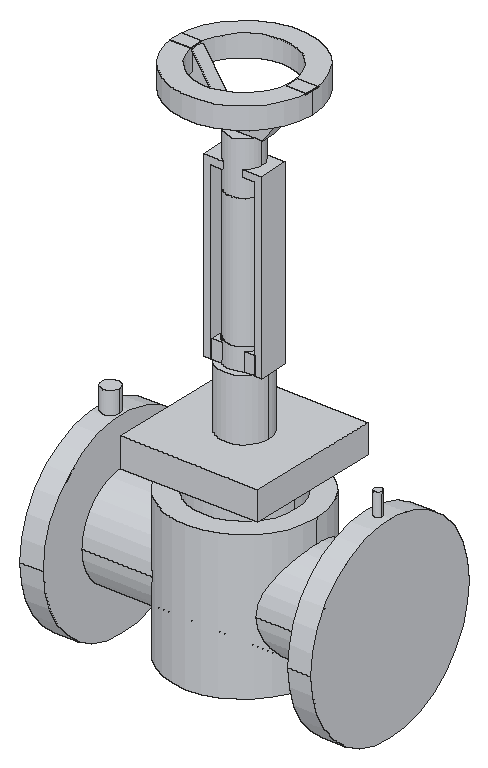
Revit family "Sigma_Compact_DN125-LF_PN16_RFA_2019", category Pipe Accessories, Revit 2019
Family settings
  Round Connector Dimension = Use Diameter
  Part Type = Valve - Breaks Into
  Work Plane-Based = No
  Always vertical = Yes
  Cut with Voids When Loaded = No
  Shared = No
Parameters (values of type "Sigma Compact DN 125 LF PN16")
  magiProductId = "72414964175c4f3999d5daaa67221e"
  magiProductFamilyId = "111bdfd32e424cd9a1e5f1ca7ea2b6"
  magiPartTypeId = 304
  isMeasuringValve [instance] = no
  ang2D [instance] = 0.00°
  W2D = 50 mm
  VersionID = "2.0/2018.12.13.2/FRESE_SIGMA_C_BIG_Q13_001"
  Use Minimum Symbol Size [instance] = no
  URL = "www.hydronix.cz"
  Type Comments = "přírubový; PN16; max dp=800kPa; 0~+120°C; max uzavírací tlak 1MPa"
  R4 = 70 mm
  R3 = 70.2 mm
  R1 = 100 mm
  QmdConnectorList = "301;D;302;D"
  Productdata [instance] = ""
  Manufacturer = "Hydronix"
  Maintenance Zone Under Depth [instance] = 100 mm
  Maintenance Zone Right Depth [instance] = 100 mm
  Maintenance Zone Over Depth [instance] = 100 mm
  Maintenance Zone Left Depth [instance] = 100 mm
  Maintenance Zone Front Depth [instance] = 100 mm
  Maintenance Zone Back Depth [instance] = 100 mm
  Maintenance Zone Front Visibility [instance] = no
  MC Use Limits From Balancing Method = no
  MC Throttling Minimum Value = 0
  MC Throttling Maximum Value = 0
  MC Product Code = "53-2404 DN125; PN16; (18500-110000 l/h); kvs=186"
  MC Pressure Drop Minimum Value = 0.0 Pa
  MC Pressure Drop Maximum Value = 0.0 Pa
  MC Piping Given Pressure Drop [instance] = 0.0 Pa
  LF__ve = -LF  # -32 mm
  LF2 = 16 mm
  LF = 32 mm
  L432 = 32.9 mm
  L43 = 65.8 mm
  L42 = 94 mm
  L4 = 188 mm
  L3 = 336 mm
  L2D_Min = 30.48 mm
  L2D = 230 mm
  L2 = 200 mm
  HH12 = 36.5 mm
  HH1 = 73 mm
  HDF__ve = -HDF  # -338 mm
  HDF = 338 mm
  H6 = 85 mm
  H4 = 40.5 mm
  H3 = 33.75 mm
  H2 = 101.25 mm
  H11 = 202.5 mm
  H1 = 761 mm
  H = 608 mm
  Description = "Automatický vyvažovací ventil"
  DF2 = 135 mm
  D = 125 mm
  Clearance Zone Height Depth [instance] = 100 mm
  Clearance Zone Circular Radius [instance] = 200 mm
  Clearance Zone Visibility [instance] = no
  CAT0 = yes
Types (9, lengths in mm): name | magiProductId | Type Comments | R4 | R3 | R1 | MC Product Code | LF__ve | LF2 | LF | L432 | L43 | L42 | L4 | L3 | L2 | HH12 | HH1 | HDF__ve | HDF | H4 | H3 | H2 | H11 | H1 | H | DF2 | D | Clearance Zone Circular Radius
  Sigma Compact DN 050 LF PN16 | "7ce002c265594233b83d195dc264f1" | "přírubový; PN16; max dp=800kPa; 0~+120°C; max uzavírací tlak 1MPa" | 40.25 | 42.9 | 57.5 | "53-2400 DN50; PN16; (2480-15000 l/h); kvs=34" | -18.4 | 9.2 | 18.4 | 18.917 | 37.835 | 54.05 | 108.1 | 193.2 | 115 | 16.5 | 33 | -202 | 202 | 24.75 | 20.625 | 61.875 | 123.75 | 480 | 367 | 82.5 | 50 | 115
  Sigma Compact DN 065 LF PN16 | "7b440009bc83499eb1c9a6fd3b4fee" | "přírubový; PN16; max dp=800kPa; 0~+120°C; max uzavírací tlak 1MPa" | 50.75 | 48.1 | 72.5 | "53-2401 DN65; PN16; (4380-25000 l/h); kvs=50" | -23.2 | 11.6 | 23.2 | 23.853 | 47.705 | 68.15 | 136.3 | 243.6 | 145 | 16.5 | 33 | -199 | 199 | 27.75 | 23.125 | 69.375 | 138.75 | 497 | 384 | 92.5 | 65 | 145
  Sigma Compact DN 080 LF PN16 | "c04670cd33374e61a046fccc79a79b" | "přírubový; PN16; max dp=800kPa; 0~+120°C; max uzavírací tlak 1MPa" | 54.25 | 52 | 77.5 | "53-2402 DN80; PN16; (5340-34000 l/h); kvs=68" | -24.8 | 12.4 | 24.8 | 25.497 | 50.995 | 72.85 | 145.7 | 260.4 | 155 | 16.5 | 33 | -213 | 213 | 30 | 25 | 75 | 150 | 526 | 413 | 100 | 80 | 155
  Sigma Compact DN 100 LF PN16 | "e9669c3b3cb042d39f52f9a3f8394b" | "přírubový; PN16; max dp=800kPa; 0~+120°C; max uzavírací tlak 1MPa" | 61.25 | 61.1 | 87.5 | "53-2403 DN100; PN16; (12100-68000 l/h); kvs=115" | -28 | 14 | 28 | 28.788 | 57.575 | 82.25 | 164.5 | 294 | 175 | 34 | 68 | -331 | 331 | 35.25 | 29.375 | 88.125 | 176.25 | 714 | 566 | 117.5 | 100 | 175
  Sigma Compact DN 125 LF PN16 | "72414964175c4f3999d5daaa67221e" | "přírubový; PN16; max dp=800kPa; 0~+120°C; max uzavírací tlak 1MPa" | 70 | 70.2 | 100 | "53-2404 DN125; PN16; (18500-110000 l/h); kvs=186" | -32 | 16 | 32 | 32.9 | 65.8 | 94 | 188 | 336 | 200 | 36.5 | 73 | -338 | 338 | 40.5 | 33.75 | 101.25 | 202.5 | 761 | 608 | 135 | 125 | 200
  Sigma Compact DN 150 LF PN16 | "cb5ac98de80a46389b4a96eb8539c2" | "přírubový; PN16; max dp=800kPa; 0~+110°C; max uzavírací tlak 1MPa" | 84 | 74.1 | 120 | "53-2405 DN150; PN16; (25600-148000 l/h); kvs=250" | -38.4 | 19.2 | 38.4 | 39.48 | 78.96 | 112.8 | 225.6 | 403.2 | 240 | 13 | 26 | -391 | 391 | 42.75 | 35.625 | 106.875 | 213.75 | 782 | 676 | 142.5 | 150 | 240
  Sigma Compact DN 200 LF PN16 | "bd9983fcf82240be8b5626661ef83b" | "přírubový; PN16; max dp=800kPa; 0~+110°C; max uzavírací tlak 1MPa" | 105 | 98.8 | 150 | "53-2406 DN200; PN16; (95000-210000 l/h); kvs=371" | -48 | 24 | 48 | 49.35 | 98.7 | 141 | 282 | 504 | 300 | 29.5 | 59 | -334 | 334 | 57 | 47.5 | 142.5 | 285 | 853 | 714 | 190 | 200 | 300
  Sigma Compact DN 250 LF PN16 | "6516628c9ce0481f89e5702e575104" | "přírubový; PN16; max dp=800kPa; 0~+110°C; max uzavírací tlak 1MPa" | 127.75 | 115.44 | 182.5 | "53-2407 DN250; PN16; (190000-475000 l/h); kvs=803" | -58.4 | 29.2 | 58.4 | 60.042 | 120.085 | 171.55 | 343.1 | 613.2 | 365 | 29 | 58 | -462 | 462 | 66.6 | 55.5 | 166.5 | 333 | 1044 | 906 | 222 | 250 | 365
  Sigma Compact DN 300 LF PN16 | "f16ecb3a8ad443e99405ecd1e4779a" | "přírubový; PN16; max dp=800kPa; 0~+110°C; max uzavírací tlak 1MPa" | 148.75 | 135.2 | 212.5 | "53-2408 DN300; PN16; (190000-475000 l/h); kvs=803" | -68 | 34 | 68 | 69.912 | 139.825 | 199.75 | 399.5 | 714 | 425 | 29 | 58 | -424 | 424 | 78 | 65 | 195 | 390 | 1082 | 944 | 260 | 300 | 425
Reference planes
  plane 1 "Center (Front/Back)": y = 0
  plane 2 "XYPLANE": z = 0
  plane 3 "Center (Left/Right)": x = 0
  plane 4 "298": y = -235
  plane 5 "297": y = 235
  plane 6 "296": y = -135
  plane 7 "295": y = 135
  plane 8 "294": z = -235
  plane 9 "293": z = 726
  plane 10 "292": x = -300
  plane 11 "291": x = 300
  plane 12 "290": z = 726
  plane 13 "256": y = -20
  plane 14 "254": z = 499.5
  plane 15 "253": z = 509.5
  plane 16 "252": x = -40
  plane 17 "251": x = -30
  plane 18 "250": x = 40
  plane 19 "249": x = 30
  plane 20 "247": z = 260.5
  plane 21 "244": z = 473
  plane 22 "243": x = 94
  plane 23 "242": x = 65.8
  plane 24 "241": x = 32.9
  plane 25 "240": y = -10
  plane 26 "238": x = -32.9
  plane 27 "237": x = -65.8
  plane 28 "236": z = 546
  plane 29 "235": z = 576
  plane 30 "234": x = -94
  plane 31 "225": z = 626
  plane 32 "224": z = -135
  plane 33 "157": x = 184
  plane 34 "156": x = -184
  plane 35 "155": z = 135
  plane 36 "154": z = 175.5
  plane 37 "153": z = 135
  plane 38 "152": z = 101.25
  plane 39 "151": x = -168
  plane 40 "150": z = -101.25
  plane 41 "149": x = 0
  plane 42 "148": y = 0
  plane 43 "147": z = 0
  plane 44 "146": x = -200
  plane 45 "145": x = 200
Forms (mm)
  Blend 1, solid, visible <- "Maintenance Zone Front Visibility"
    base sketch origin (-750, 0, 726) x (1, 0, 0) y (0, 1, 0)
      loop
        line (450, 235) -> (450, -235) -> (1050, -235) -> (1050, 235) -> (450, 235)
    top sketch origin (-750, 0, 726) x (1, 0, 0) y (0, 1, 0)
      loop
        line (450, 235) -> (450, -235) -> (1050, -235) -> (1050, 235) -> (450, 235)
    from 0 to -961
  Blend 2, solid, visible <- "Clearance Zone Visibility"
    base sketch origin (-750, 0, 0) x (1, 0, 0) y (0, 1, 0)
      loop
        circle (750, 0) r 200
    top sketch origin (-750, 0, 0) x (1, 0, 0) y (0, 1, 0)
      loop
        circle (750, 0) r 200
    from 0 to 726
  Extrusion 3, solid
    sketch origin (-750, 0, 473) x (1, 0, 0) y (0, 1, 0)
      loop
        circle (750, 0) r 23.982
    from 0 to -338 <- "HDF__ve"
  Extrusion 4, solid
    sketch origin (-750, 0, 260.5) x (1, 0, 0) y (0, 1, 0)
      loop
        line (780, 20) -> (720, 20) -> (720, -20) -> (780, -20) -> (780, 20)
    from 0 to 25
  Extrusion 5, solid
    sketch origin (750, -20, 0) x (-1, 0, 0) y (0, 0, 1)
      loop
        line (790, 260.5) -> (790, 509.5) -> (710, 509.5) -> (710, 260.5) -> (720, 260.5) -> (720, 499.5) -> (780, 499.5) -> (780, 260.5) -> (790, 260.5)
    from 0 to 40
  Extrusion 6, solid
    sketch origin (-750, 0, 260.5) x (1, 0, 0) y (0, 1, 0)
      loop
        circle (750, 0) r 25
    from 0 to 30
  Extrusion 7, solid
    sketch origin (750, -10, 0) x (-1, 0, 0) y (0, 0, 1)
      loop
        line (815.8, 626) -> (782.9, 576) -> (750, 576) -> (750, 546) -> (782.9, 546) -> (844, 626) -> (815.8, 626)
    from 0 to 20
  Extrusion 8, solid
    sketch origin (750, -10, 0) x (-1, 0, 0) y (0, 0, 1)
      loop
        line (684.2, 626) -> (656, 626) -> (717.1, 546) -> (750, 546) -> (750, 576) -> (717.1, 576) -> (684.2, 626)
    from 0 to 20
  Extrusion 9, solid
    sketch origin (-750, 0, 473) x (1, 0, 0) y (0, 1, 0)
      loop
        circle (750, 0) r 23.982
    from 0 to 73 <- "HH1"
  Extrusion 10, solid
    sketch origin (-750, 0, 626) x (1, 0, 0) y (0, 1, 0)
      loop
        circle (750, 0) r 94
      loop
        circle (750, 0) r 65.8
    from 0 to -30
  Extrusion 11, solid, visible <- "CAT0"
    sketch origin (-750, 0, 135) x (1, 0, 0) y (0, 1, 0)
      loop
        circle (934, 0) r 5.5
    from 0 to 30
  Extrusion 12, solid, visible <- "CAT0"
    sketch origin (-750, 0, 135) x (1, 0, 0) y (0, 1, 0)
      loop
        circle (566, 0) r 12.3
    from 0 to 30
  Extrusion 13, solid, visible <- "CAT0"
    sketch origin (-750, 0, 175.5) x (1, 0, 0) y (0, 1, 0)
      loop
        circle (750, 0) r 33.982
    from 0 to 85 <- "H6"
  Extrusion 14, solid, visible <- "CAT0"
    sketch origin (-750, 0, 135) x (1, 0, 0) y (0, 1, 0)
      loop
        line (844, 94) -> (656, 94) -> (656, -94) -> (844, -94) -> (844, 94)
    from 0 to 40.5 <- "H4"
  Extrusion 15, solid, visible <- "CAT0"
    sketch origin (-750, 0, 101.25) x (1, 0, 0) y (0, 1, 0)
      loop
        circle (750, 0) r 70
    from 0 to 33.75 <- "H3"
  Extrusion 16, solid, visible <- "CAT0"
    sketch origin (-168, -750, 0) x (0, 1, 0) y (0, 0, 1)
      loop
        circle (750, 0) r 70.2
    from 0 to 336 <- "L3"
  Extrusion 17, solid, visible <- "CAT0"
    sketch origin (-750, 0, -101.25) x (1, 0, 0) y (0, 1, 0)
      loop
        circle (750, 0) r 100
    from 0 to 202.5 <- "H11"
  Extrusion 18, solid, visible <- "CAT0"
    sketch origin (-200, -750, 0) x (0, 1, 0) y (0, 0, 1)
      loop
        circle (750, 0) r 135
    from 0 to 32 <- "LF"
  Extrusion 19, solid, visible <- "CAT0"
    sketch origin (200, -750, 0) x (0, 1, 0) y (0, 0, 1)
      loop
        circle (750, 0) r 135
    from 0 to -32 <- "LF__ve"
  Extrusion 20, solid, not visible
    sketch origin (-200, -750, 0) x (0, 1, 0) y (0, 0, 1)
      loop
        circle (750, 0) r 10
    from 0 to 10
  Extrusion 21, solid, not visible
    sketch origin (200, -750, 0) x (0, 1, 0) y (0, 0, 1)
      loop
        circle (750, 0) r 10
    from 0 to -10
Lines and regions (mm)
  reference lines, not visible
    curve 1: circle (2, 2, 0) r 1 normal (0, 0, 1)
  reference lines
    curve 2: circle (0, 0, 135) r 1 normal (0, 0, 1)
Dimensions and locks
  plane 1 "Center (Front/Back)" to curve 1 = 2 mm
  "Maintenance Zone Front Depth": plane 6 "296" to plane 4 "298"
  "Maintenance Zone Back Depth": plane 7 "295" to plane 5 "297"
  "DF2": plane 42 "148" to plane 6 "296"
  "DF2": plane 42 "148" to plane 7 "295"
  "Maintenance Zone Under Depth": plane 32 "224" to plane 8 "294"
  "Maintenance Zone Over Depth": plane 31 "225" to plane 9 "293"
  "Maintenance Zone Left Depth": plane 44 "146" to plane 10 "292"
  "Maintenance Zone Right Depth": plane 45 "145" to plane 11 "291"
  "Clearance Zone Height Depth": plane 31 "225" to plane 12 "290"
  locked: plane 25 "240" to plane 13 "256" at 10
  locked: plane 15 "253" to plane 14 "254" at 10
  "HH12": plane 21 "244" to plane 15 "253"
  locked: plane 17 "251" to plane 16 "252" at 10
  locked: plane 41 "149" to plane 17 "251" at 30
  locked: plane 19 "249" to plane 18 "250" at 10
  locked: plane 41 "149" to plane 19 "249" at 30
  "H6": plane 36 "154" to plane 20 "247"
  "H": plane 32 "224" to plane 21 "244"
  "L42": plane 41 "149" to plane 22 "243"
  "L43": plane 41 "149" to plane 23 "242"
  "L432": plane 41 "149" to plane 24 "241"
  locked: plane 42 "148" to plane 25 "240" at 10
  "L432": plane 41 "149" to plane 26 "238"
  "L43": plane 41 "149" to plane 27 "237"
  locked: plane 29 "235" to plane 28 "236" at 30
  locked: plane 31 "225" to plane 29 "235" at 50
  "L42": plane 41 "149" to plane 30 "234"
  "H1": plane 32 "224" to plane 31 "225"
  "DF2": plane 2 "XYPLANE" to plane 32 "224"
  "LF2": plane 45 "145" to plane 33 "157"
  "LF2": plane 44 "146" to plane 34 "156"
  "DF2": plane 2 "XYPLANE" to plane 35 "155"
  "H4": plane 37 "153" to plane 36 "154"
  "H3": plane 38 "152" to plane 37 "153"
  "H11": plane 40 "150" to plane 38 "152"
  "LF": plane 44 "146" to plane 39 "151"
  "H2": plane 2 "XYPLANE" to plane 40 "150"
  locked: plane 3 "Center (Left/Right)" to plane 41 "149"
  locked: plane 1 "Center (Front/Back)" to plane 42 "148"
  locked: plane 2 "XYPLANE" to plane 43 "147"
  "L2": plane 3 "Center (Left/Right)" to plane 44 "146"
  "L2": plane 3 "Center (Left/Right)" to plane 45 "145"
  Blend 1 sketch curve to Blend 1 sketch curve = 0 mm  (x16)
  Extrusion 4 sketch curve to Extrusion 4 sketch curve = 0 mm  (x8)
  Extrusion 5 sketch curve to Extrusion 5 sketch curve = 0 mm  (x16)
  Extrusion 7 sketch curve to Extrusion 7 sketch curve = 0 mm  (x12)
  Extrusion 8 sketch curve to Extrusion 8 sketch curve = 0 mm  (x12)
  equal spacing: Extrusion 14 sketch curve, curve 2, Extrusion 14 sketch curve  (x2)
  "L4": Extrusion 14 sketch curve to Extrusion 14 sketch curve  (x2)
  Extrusion 14 sketch curve to Extrusion 14 sketch curve = 0 mm  (x8)
  "Clearance Zone Circular Radius": radius of Blend 2 sketch curve  (x2)
  "L42": radius of Extrusion 10 sketch curve
  "L43": radius of Extrusion 10 sketch curve
  "R4": radius of Extrusion 15 sketch curve
  "R3": radius of Extrusion 16 sketch curve
  "R1": radius of Extrusion 17 sketch curve
  "DF2": radius of Extrusion 18 sketch curve
  "DF2": radius of Extrusion 19 sketch curve
  aligned and locked: level to plane 2 "XYPLANE"
  aligned and locked: Blend 1 sketch curve to plane 5 "297"  (x2)
  aligned and locked: plane 10 "292" to Blend 1 sketch curve  (x4)
  aligned and locked: plane 11 "291" to Blend 1 sketch curve  (x4)
  aligned and locked: plane 5 "297" to Blend 1 sketch curve  (x2)
  aligned and locked: plane 4 "298" to Blend 1 sketch curve  (x4)
  aligned and locked: Blend 1 to plane 8 "294"
  aligned and locked: plane 41 "149" to Blend 2 sketch curve  (x2)
  aligned and locked: plane 42 "148" to Blend 2 sketch curve  (x2)
  aligned and locked: plane 12 "290" to Blend 2
  aligned and locked: plane 41 "149" to Extrusion 3 sketch curve
  aligned and locked: plane 42 "148" to Extrusion 3 sketch curve
  aligned and locked: Extrusion 5 sketch curve to plane 16 "252"
  aligned and locked: plane 20 "247" to Extrusion 5 sketch curve  (x4)
  aligned and locked: plane 15 "253" to Extrusion 5 sketch curve  (x2)
  aligned and locked: plane 16 "252" to Extrusion 5 sketch curve
  aligned and locked: plane 18 "250" to Extrusion 5 sketch curve  (x2)
  aligned and locked: plane 19 "249" to Extrusion 5 sketch curve  (x2)
  aligned and locked: plane 14 "254" to Extrusion 5 sketch curve  (x2)
  aligned and locked: plane 17 "251" to Extrusion 5 sketch curve  (x2)
  aligned and locked: plane 41 "149" to Extrusion 6 sketch curve
  aligned and locked: plane 42 "148" to Extrusion 6 sketch curve
  aligned and locked: plane 27 "237" to Extrusion 7 sketch curve
  aligned and locked: plane 31 "225" to Extrusion 7 sketch curve  (x2)
  aligned and locked: plane 26 "238" to Extrusion 7 sketch curve  (x2)
  aligned and locked: plane 29 "235" to Extrusion 7 sketch curve  (x2)
  aligned and locked: plane 41 "149" to Extrusion 7 sketch curve  (x2)
  aligned and locked: plane 28 "236" to Extrusion 7 sketch curve  (x2)
  aligned and locked: plane 30 "234" to Extrusion 7 sketch curve
  aligned and locked: plane 23 "242" to Extrusion 8 sketch curve
  aligned and locked: plane 31 "225" to Extrusion 8 sketch curve  (x2)
  aligned and locked: plane 24 "241" to Extrusion 8 sketch curve  (x2)
  aligned and locked: plane 29 "235" to Extrusion 8 sketch curve  (x2)
  aligned and locked: plane 41 "149" to Extrusion 8 sketch curve  (x2)
  aligned and locked: plane 28 "236" to Extrusion 8 sketch curve  (x2)
  aligned and locked: plane 22 "243" to Extrusion 8 sketch curve
  aligned and locked: plane 41 "149" to Extrusion 9 sketch curve
  aligned and locked: plane 42 "148" to Extrusion 9 sketch curve
  aligned and locked: plane 41 "149" to Extrusion 10 sketch curve  (x2)
  aligned and locked: plane 42 "148" to Extrusion 10 sketch curve  (x2)
  aligned and locked: plane 33 "157" to Extrusion 11 sketch curve
  aligned and locked: plane 42 "148" to Extrusion 11 sketch curve
  aligned and locked: plane 34 "156" to Extrusion 12 sketch curve
  aligned and locked: plane 42 "148" to Extrusion 12 sketch curve
  aligned and locked: plane 41 "149" to Extrusion 13 sketch curve
  aligned and locked: plane 42 "148" to Extrusion 13 sketch curve
  aligned and locked: plane 41 "149" to curve 2
  aligned and locked: plane 42 "148" to curve 2
  aligned and locked: plane 41 "149" to Extrusion 15 sketch curve
  aligned and locked: plane 42 "148" to Extrusion 15 sketch curve
  aligned and locked: Extrusion 16 sketch curve to plane 42 "148"
  aligned and locked: plane 43 "147" to Extrusion 16 sketch curve
  aligned and locked: plane 41 "149" to Extrusion 17 sketch curve
  aligned and locked: plane 42 "148" to Extrusion 17 sketch curve
  aligned and locked: Extrusion 18 sketch curve to plane 42 "148"
  aligned and locked: plane 43 "147" to Extrusion 18 sketch curve
  aligned and locked: Extrusion 19 sketch curve to plane 42 "148"
  aligned and locked: plane 43 "147" to Extrusion 19 sketch curve
  aligned and locked: Extrusion 20 sketch curve to plane 42 "148"
  aligned and locked: plane 43 "147" to Extrusion 20 sketch curve
  aligned and locked: Extrusion 21 sketch curve to plane 42 "148"
  aligned and locked: plane 43 "147" to Extrusion 21 sketch curve
Automatic sketch dimensions
  plane 26 "238" to Extrusion 3 sketch curve = 8.917 mm
  Extrusion 4 sketch curve to plane 17 "251" = 0 mm
  Extrusion 4 sketch curve to plane 13 "256" = 0 mm
  Extrusion 4 sketch curve to plane 19 "249" = 0 mm
  Extrusion 4 sketch curve to plane 1 "Center (Front/Back)" = 20 mm
  plane 17 "251" to Extrusion 6 sketch curve = 5 mm
  plane 26 "238" to Extrusion 9 sketch curve = 8.917 mm
  Extrusion 11 sketch curve to plane 33 "157" = 5.5 mm
  plane 44 "146" to Extrusion 12 sketch curve = 3.7 mm
  Extrusion 13 sketch curve to plane 26 "238" = 1.083 mm
  Extrusion 20 sketch curve to plane 25 "240" = 0 mm
  Extrusion 21 sketch curve to plane 25 "240" = 0 mm
  plane 3 "Center (Left/Right)" to curve 1 = 2 mm
  Extrusion 14 sketch curve to plane 30 "234" = 0 mm
  plane 6 "296" to Extrusion 14 sketch curve = 41 mm
  radius of curve 2 = 1 mm
  radius of curve 1 = 1 mm
Connectors
  piping at (-200, 0, 0), diameter 125, driven by "D"
    settings: on Extrusion 20, index 1, connector inside diameter 609.6 mm, connector length 0 mm, flow factor 0, pipe flow 0.0 L/s, pressure drop 0.0 Pa, fitting loss kfactor 0, connector angle 0.00°, fixture units 0, engagement length 0 mm, angle of deflection 0.00°, flow configuration 0, flow direction 0, fitting loss method 0, system type 29, joint type 0, gender type 0, connector reference index 2, connector utility 0, adjustable connector no, is connector primary yes, connector description ""
  piping at (200, 0, 0), diameter 125, driven by "D"
    settings: on Extrusion 21, index 2, connector inside diameter 609.6 mm, connector length 0 mm, flow factor 0, pipe flow 0.0 L/s, pressure drop 0.0 Pa, fitting loss kfactor 0, connector angle 0.00°, fixture units 0, engagement length 0 mm, angle of deflection 0.00°, flow configuration 0, flow direction 0, fitting loss method 0, system type 29, joint type 0, gender type 0, connector reference index 1, connector utility 0, adjustable connector no, is connector primary no, connector description ""
